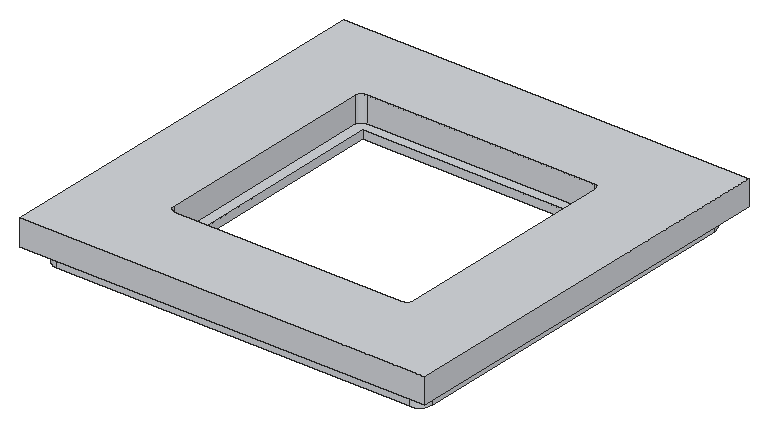
Revit family "Gira_021117", category Electrical Fixtures, host Face, Revit 2017
Family settings
  Host = Face
  Maintain Annotation Orientation = No
  Round Connector Dimension = Use Diameter
  Part Type = Normal
  Cut with Voids When Loaded = No
  Shared = No
  Room Calculation Point = No
Parameters (values of type "Abdeckrahmen 1f Gira Esprit Aluminium")
  Werkstoffgüte = "aluminium"
  Werkstoff = "Metall"
  URL = "http://katalog.gira.de/de_DE/datenblatt.html?artikelnr=021117"
  Transparent = "No"
  Textfeld/Beschriftungsfläche = "No"
  Schutzart (IP) = "IP20"
  Region = "DE"
  Oberfläche = "sonstige"
  Name = "Abdeckrahmen 1f Gira Esprit Aluminium"
  Montagerichtung = "horizontal und vertikal"
  Mit Montagerahmen = "No"
  Mit Klappdeckel = "No"
  Manufacturer URL = "https://www.gira.de/"
  Keynote = "Espr._Rahmen_1fach"
  HeinzeBIM = "https://bimportal.heinze.de/bim/abdeckrahmen-1f-gira-esprit-aluminium/5a6ab8be7cbcaa7bda4e5f5311df11a536c4eb53"
  Halogenfrei = "No"
  HAN = "021117"
  Geeignet für Unterputz-Installation = "Yes"
  Geeignet für Unterflurkanaldose = "No"
  Geeignet für Geräteeinbaukanal = "No"
  Geeignet für Einbauinstallation = "No"
  GTIN = "4010337211174"
  Farbe = "aluminium"
  Default Elevation = 1219.2 mm
  Data sheet (1) = "https://katalog.gira.de/de_DE/download.html?artikelnr=021117"
  Category = "Abdeckrahmen"
  Befestigungsart = "Klemmbefestigung"
  Available = "Yes"
  Anzahl der Einheiten vertikal = "1 "
  Anzahl der Einheiten horizontal = "1 "
  Anzahl der Einheiten = "1 "
Reference planes
  plane 1 "Center (Front/Back)": y = 0
  plane 2: z = 0
  plane 3 "Center (Left/Right)": x = 0
Forms (mm)
  Extrusion 1, solid, detail levels fine
    sketch origin (0, 0, 0) x (1, 0, 0) y (0, 1, 0)
      loop
        line (-47.5, 47.5) -> (-47.5, -47.5) -> (47.5, -47.5) -> (47.5, 47.5) -> (-47.5, 47.5)
      loop
        arc (-28.2, -26.7) -> (-27.761, -27.761) -> (-26.7, -28.2) r 1.5
        line (-26.7, -28.2) -> (26.7, -28.2)
        arc (26.7, -28.2) -> (27.761, -27.761) -> (28.2, -26.7) r 1.5
        line (28.2, -26.7) -> (28.2, 26.7)
        arc (28.2, 26.7) -> (27.761, 27.761) -> (26.7, 28.2) r 1.5
        line (26.7, 28.2) -> (-26.7, 28.2)
        arc (-26.7, 28.2) -> (-27.761, 27.761) -> (-28.2, 26.7) r 1.5
        line (-28.2, 26.7) -> (-28.2, -26.7)
    from 0 to 6
  Extrusion 2, solid, detail levels fine
    sketch origin (0, 0, 0) x (1, 0, 0) y (0, 1, 0)
      loop
        line (-25.7, -25.7) -> (25.7, -25.7) -> (25.7, 25.7) -> (-25.7, 25.7) -> (-25.7, -25.7)
      loop
        arc (-43.1, -41.3) -> (-42.573, -42.573) -> (-41.3, -43.1) r 1.8
        line (-41.3, -43.1) -> (41.3, -43.1)
        arc (41.3, -43.1) -> (42.573, -42.573) -> (43.1, -41.3) r 1.8
        line (43.1, -41.3) -> (43.1, 41.3)
        arc (43.1, 41.3) -> (42.573, 42.573) -> (41.3, 43.1) r 1.8
        line (41.3, 43.1) -> (-41.3, 43.1)
        arc (-41.3, 43.1) -> (-42.573, 42.573) -> (-43.1, 41.3) r 1.8
        line (-43.1, 41.3) -> (-43.1, -41.3)
    from -1.9 to 0
  Extrusion 3, solid, detail levels fine
    sketch origin (0, 0, 0) x (1, 0, 0) y (0, 1, 0)
      loop
        arc (-41.4, 44.4) -> (-43.521, 43.521) -> (-44.4, 41.4) r 3
        line (-44.4, 41.4) -> (-44.4, -41.4)
        arc (-44.4, -41.4) -> (-43.521, -43.521) -> (-41.4, -44.4) r 3
        line (-41.4, -44.4) -> (41.4, -44.4)
        arc (41.4, -44.4) -> (43.521, -43.521) -> (44.4, -41.4) r 3
        line (44.4, -41.4) -> (44.4, 41.4)
        arc (44.4, 41.4) -> (43.521, 43.521) -> (41.4, 44.4) r 3
        line (41.4, 44.4) -> (-41.4, 44.4)
      loop
        line (-43.1, 41.3) -> (-43.1, -41.3)
        arc (-43.1, -41.3) -> (-42.573, -42.573) -> (-41.3, -43.1) r 1.8
        line (-41.3, -43.1) -> (41.3, -43.1)
        arc (41.3, -43.1) -> (42.573, -42.573) -> (43.1, -41.3) r 1.8
        line (43.1, -41.3) -> (43.1, 41.3)
        arc (43.1, 41.3) -> (42.573, 42.573) -> (41.3, 43.1) r 1.8
        line (41.3, 43.1) -> (-41.3, 43.1)
        arc (-41.3, 43.1) -> (-42.573, 42.573) -> (-43.1, 41.3) r 1.8
    from -3.7 to 0
  Extrusion 4, solid, detail levels medium
    sketch origin (0, 0, 0) x (1, 0, 0) y (0, 1, 0)
      loop
        line (-47.5, 47.5) -> (-47.5, -47.5) -> (47.5, -47.5) -> (47.5, 47.5) -> (-47.5, 47.5)
    from 0 to 6
  Extrusion 5, solid, detail levels medium
    sketch origin (0, 0, 0) x (1, 0, 0) y (0, 1, 0)
      loop
        line (-44.4, 44.4) -> (-44.4, -44.4) -> (44.4, -44.4) -> (44.4, 44.4) -> (-44.4, 44.4)
    from -3.7 to 0
  Extrusion 6, solid, detail levels coarse
    sketch origin (0, 0, 0) x (1, 0, 0) y (0, 1, 0)
      loop
        line (-47.5, 47.5) -> (-47.5, -47.5) -> (47.5, -47.5) -> (47.5, 47.5) -> (-47.5, 47.5)
    from -3.7 to 6
Dimensions and locks
  aligned and locked: plane 2 to host face
  aligned and locked: level to host face
